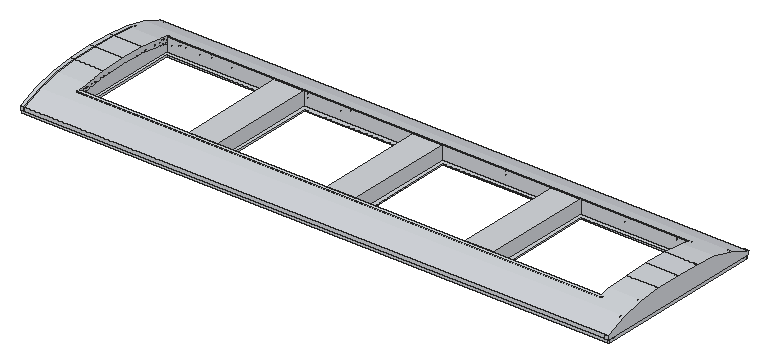
Revit family "Gira_0214728", category Electrical Fixtures, host Face, Revit 2017
Family settings
  Host = Face
  Maintain Annotation Orientation = No
  Round Connector Dimension = Use Diameter
  Part Type = Normal
  Cut with Voids When Loaded = No
  Shared = No
  Room Calculation Point = No
Parameters (values of type "Abdeckrahmen 4f Zwischenr. AN Gira Event Klar Weiß")
  Werkstoffgüte = "Thermoplast"
  Werkstoff = "Kunststoff"
  URL = "http://katalog.gira.de/de_DE/datenblatt.html?artikelnr=0214728"
  Transparent = "No"
  Textfeld/Beschriftungsfläche = "No"
  Schutzart (IP) = "IP20"
  Region = "DE"
  Oberfläche = "Sandguss"
  Name = "Abdeckrahmen 4f Zwischenr. AN Gira Event Klar Weiß"
  Montagerichtung = "horizontal und vertikal"
  Mit Montagerahmen = "No"
  Mit Klappdeckel = "No"
  Manufacturer URL = "https://www.gira.de/"
  Keynote = "Event_Rahmen_4fach"
  HeinzeBIM = "https://bimportal.heinze.de/bim/abdeckrahmen-4f-zwischenr-an-gira-event-klar-weiss/3befbab50d67cb81c98ed463012b8d75b693b778"
  Halogenfrei = "Yes"
  HAN = "0214728"
  Geeignet für Unterputz-Installation = "No"
  Geeignet für Unterflurkanaldose = "No"
  Geeignet für Geräteeinbaukanal = "No"
  Geeignet für Einbauinstallation = "No"
  GTIN = "4010337068785"
  Farbe = "weiß"
  Default Elevation = 1219.2 mm
  Data sheet (1) = "https://katalog.gira.de/de_DE/download.html?artikelnr=0214728"
  Category = "Abdeckrahmen"
  Befestigungsart = "Klemmbefestigung"
  Available = "Yes"
  Anzahl der Einheiten vertikal = "4 "
  Anzahl der Einheiten horizontal = "4 "
  Anzahl der Einheiten = "4 "
Reference planes
  plane 1 "Center (Front/Back)": y = 0
  plane 2: z = 0
  plane 3 "Center (Left/Right)": x = 0
Forms (mm)
  Extrusion 1, solid, detail levels fine
    sketch origin (0, 0, 0.05) x (0, 1, 0) y (0, 0, 1)
      loop
        arc (12.445, 9.683) -> (6.223, 9.833) -> (0, 9.85) r 291.636
        arc (0, 9.85) -> (-6.223, 9.833) -> (-12.445, 9.683) r 291.636
        arc (-12.445, 9.683) -> (-29.14, 7.482) -> (-45, 1.823) r 79.728
        line (-45, 1.823) -> (-45, -0.05) -> (-42.086, -0.05)
        arc (-42.086, -0.05) -> (-21.385, 5.559) -> (0, 7.206) r 114.424
        arc (0, 7.206) -> (21.385, 5.559) -> (42.086, -0.05) r 114.424
        line (42.086, -0.05) -> (45, -0.05) -> (45, 1.823)
        arc (45, 1.823) -> (29.14, 7.482) -> (12.445, 9.683) r 79.728
    from -151.95 to 151.935
  Extrusion 2, void, detail levels fine
    sketch origin (0, 0, 0) x (1, 0, 0) y (0, 1, 0)
      loop
        line (134.95, 28.035) -> (-134.95, 28.035) -> (-134.95, -28.035) -> (134.95, -28.035) -> (134.95, 28.035)
    from 0.724 to 11
  Extrusion 3, solid, detail levels coarse
    sketch origin (0, 0, 0) x (1, 0, 0) y (0, 1, 0)
      loop
        line (-151.95, 45) -> (-151.95, -45) -> (151.935, -45) -> (151.935, 45) -> (-151.95, 45)
    from -1.5 to 9.9
  Extrusion 4, solid, detail levels medium
    sketch origin (0, 0, 0.05) x (0, 1, 0) y (0, 0, 1)
      loop
        arc (12.445, 9.683) -> (6.223, 9.833) -> (0, 9.85) r 291.636
        arc (0, 9.85) -> (-6.223, 9.833) -> (-12.445, 9.683) r 291.636
        arc (-12.445, 9.683) -> (-29.14, 7.482) -> (-45, 1.823) r 79.728
        line (-45, 1.823) -> (-45, -0.05) -> (45, -0.05) -> (45, 1.823)
        arc (45, 1.823) -> (29.14, 7.482) -> (12.445, 9.683) r 79.728
    from -151.95 to 151.935
  Extrusion 5, solid, detail levels fine
    sketch origin (-106.95, 0, -1.5) x (0, 1, 0) y (0, 0, -1)
      loop
        line (45, -3.373) -> (45, -1.5) -> (-45, -1.5) -> (-45, -3.373)
        arc (-45, -3.373) -> (-29.14, -9.032) -> (-12.445, -11.233) r 79.728
        arc (-12.445, -11.233) -> (-6.223, -11.383) -> (0, -11.4) r 291.636
        arc (0, -11.4) -> (6.223, -11.383) -> (12.445, -11.233) r 291.636
        arc (12.445, -11.233) -> (29.14, -9.032) -> (45, -3.373) r 79.728
    from 43 to 45
  Extrusion 6, solid, detail levels fine
    sketch origin (0, 0, 0) x (1, 0, 0) y (0, 1, 0)
      loop
        line (-132.85, 25.7) -> (-132.85, -25.7) -> (-81.05, -25.7) -> (-81.05, 25.7) -> (-132.85, 25.7)
      loop
        line (-9.755, -25.7) -> (-9.755, 25.7) -> (-61.555, 25.7) -> (-61.555, -25.7) -> (-9.755, -25.7)
      loop
        line (-135.845, 28.49) -> (-135.845, -28.495)
        spline (-135.845, -28.495) -> (-135.836, -28.625) -> (-135.811, -28.754) -> (-135.769, -28.878) -> (-135.711, -28.995) -> (-135.638, -29.104) -> (-135.552, -29.202) -> (-135.454, -29.288) -> (-135.345, -29.361) -> (-135.228, -29.419) -> (-135.104, -29.461) -> (-134.975, -29.486) -> (-134.845, -29.495)
        line (-134.845, -29.495) -> (134.845, -29.495)
        spline (134.845, -29.495) -> (134.975, -29.486) -> (135.104, -29.461) -> (135.228, -29.419) -> (135.345, -29.361) -> (135.454, -29.288) -> (135.552, -29.202) -> (135.638, -29.104) -> (135.711, -28.995) -> (135.769, -28.878) -> (135.811, -28.754) -> (135.836, -28.625) -> (135.845, -28.495)
        line (135.845, -28.495) -> (135.845, 28.49)
        spline (135.845, 28.49) -> (135.836, 28.62) -> (135.811, 28.748) -> (135.769, 28.872) -> (135.711, 28.99) -> (135.638, 29.098) -> (135.552, 29.197) -> (135.454, 29.283) -> (135.345, 29.356) -> (135.228, 29.413) -> (135.104, 29.456) -> (134.975, 29.481) -> (134.845, 29.49)
        line (134.845, 29.49) -> (-134.845, 29.49)
        spline (-134.845, 29.49) -> (-134.975, 29.481) -> (-135.104, 29.456) -> (-135.228, 29.413) -> (-135.345, 29.356) -> (-135.454, 29.283) -> (-135.552, 29.197) -> (-135.638, 29.098) -> (-135.711, 28.99) -> (-135.769, 28.872) -> (-135.811, 28.748) -> (-135.836, 28.62) -> (-135.845, 28.49)
      loop
        line (61.545, -25.7) -> (61.545, 25.7) -> (9.745, 25.7) -> (9.745, -25.7) -> (61.545, -25.7)
      loop
        line (132.85, -25.7) -> (132.85, 25.7) -> (81.05, 25.7) -> (81.05, -25.7) -> (132.85, -25.7)
    from 0.1 to 7.3
  Extrusion 7, solid
    sketch origin (0, 0, 0) x (1, 0, 0) y (0, 1, 0)
      loop
        arc (-151.65, -44.218) -> (-151.504, -44.572) -> (-151.15, -44.718) r 0.5
        line (-151.15, -44.718) -> (151.15, -44.718)
        arc (151.15, -44.718) -> (151.504, -44.572) -> (151.65, -44.218) r 0.5
        line (151.65, -44.218) -> (151.65, 44.182)
        arc (151.65, 44.182) -> (151.504, 44.535) -> (151.15, 44.682) r 0.5
        line (151.15, 44.682) -> (-151.15, 44.682)
        arc (-151.15, 44.682) -> (-151.504, 44.535) -> (-151.65, 44.182) r 0.5
        line (-151.65, 44.182) -> (-151.65, -44.218)
      loop
        line (-149.95, 42.982) -> (-149.95, -43.018) -> (149.95, -43.018) -> (149.95, 42.982) -> (-149.95, 42.982)
    from -1.5 to 0.5
  Extrusion 8, solid, detail levels fine
    sketch origin (106.935, 0, -1.5) x (0, 1, 0) y (0, 0, 1)
      loop
        arc (45, 3.373) -> (29.14, 9.032) -> (12.445, 11.233) r 79.728
        arc (12.445, 11.233) -> (6.223, 11.383) -> (0, 11.4) r 291.636
        arc (0, 11.4) -> (-6.223, 11.383) -> (-12.445, 11.233) r 291.636
        arc (-12.445, 11.233) -> (-29.14, 9.032) -> (-45, 3.373) r 79.728
        line (-45, 3.373) -> (-45, 1.5) -> (45, 1.5) -> (45, 3.373)
    from 43 to 45
  Extrusion 9, solid, detail levels medium
    sketch origin (0, 0, 0) x (1, 0, 0) y (0, 1, 0)
      loop
        line (-151.65, -44.718) -> (151.65, -44.718) -> (151.65, 44.682) -> (-151.65, 44.682) -> (-151.65, -44.718)
    from -1.5 to 0.5
  Extrusion 10, solid, detail levels fine
    sketch origin (-69.857, 0, 0) x (1, 0, 0) y (0, 1, 0)
      loop
        line (-8.943, 28.063) -> (-8.943, -27.937) -> (6.057, -27.937) -> (6.057, 28.063) -> (-8.943, 28.063)
    from 0.724 to 7.566
  Extrusion 11, solid, detail levels fine
    sketch origin (-1.443, 0, 0) x (-1, 0, 0) y (0, -1, 0)
      loop
        line (-8.943, -28.063) -> (6.057, -28.063) -> (6.057, 27.937) -> (-8.943, 27.937) -> (-8.943, -28.063)
    from 0.724 to 7.566
  Extrusion 12, solid, detail levels fine
    sketch origin (69.857, 0, 0) x (-1, 0, 0) y (0, -1, 0)
      loop
        line (-8.943, -28.063) -> (6.057, -28.063) -> (6.057, 27.937) -> (-8.943, 27.937) -> (-8.943, -28.063)
    from 0.724 to 7.566
Cuts and joins
  Extrusion 2 cuts Extrusion 1
  Extrusion 2 cuts Extrusion 6
Dimensions and locks
  aligned and locked: plane 2 to host face
  aligned and locked: level to host face
